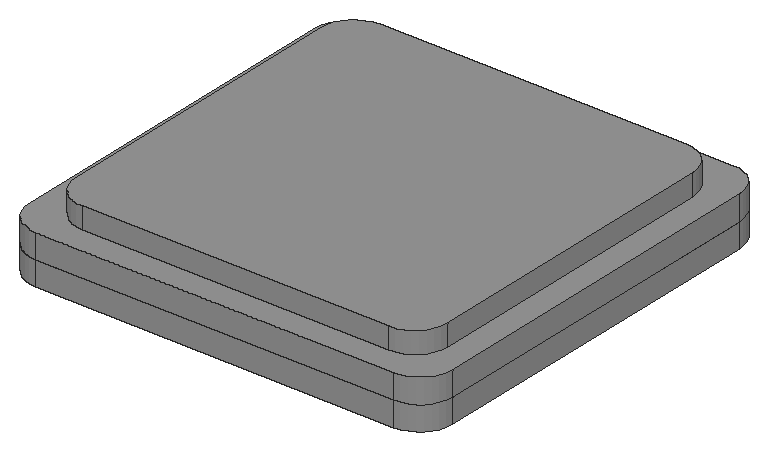
Revit family "FMS2_63_UN_Surface-mounted_ETK", category Lighting Fixtures, Revit 2019 (continued)
Definition of nested family "FMS.2 - Lightsource"
  Types (14, lengths in mm): name | Wattage Comments | Wattage | built-in parameter 1150134 | Photometric Web File | built-in parameter 1150142 | built-in parameter 1150105 | Lumens | built-in parameter 1150107 | built-in parameter 1150106 | Apparent Load
      \t501.1649\t500.1982\t499.3696\t498.4029\t497.5743\t496.6076\t495.779\t494.9504\r\n493.9837\t493.1551\t492.3265\t491.4979\t490.6693\t489.7026\t488.874\t488.0454\t487.2168\t486.3882\r\n485.5596\t484.731\t483.9024\t483.0738\t482.2452\t481.4166\t480.4499\t479.6213\t478.7927\t477.826\r\n476.9974\t475.3402\t473.1306\t470.7829\t468.5733\t466.3637\t464.016\t461.8064\t459.5968\t457.3872\r\n455.0395\t452.8299\t450.6203\t448.2726\t446.063\t443.8534\t441.6438\t439.2961\t437.0865\t434.7388\r\n432.3911\t430.1815\t427.8338\t425.6242\t423.2765\t421.0669\t418.7192\t416.3715\t414.1619\t411.8142\r\n409.6046\t407.1188\t403.8044\t400.6281\t397.3137\t394.1374\t390.9611\t387.6467\t384.4704\t381.2941\r\n377.9797\t374.8034\t371.489\t368.3127\t365.1364\t361.822\t358.6457\t355.3313\t352.155\t348.8406\r\n345.6643\t342.488\t339.1736\t335.9973\t332.6829\t329.5066\t326.1922\t323.0159\t319.7015\t316.5252\r\n313.3489\t310.0345\t306.3058\t302.439\t298.7103\t294.9816\t291.2529\t287.5242\t283.7955\t280.0668\r\n276.3381\t272.6094\t268.7426\t265.0139\t261.2852\t257.5565\t253.8278\t250.0991\t246.3704\t242.5036\r\n238.7749\t235.0462\t231.3175\t227.5888\t223.722\t219.9933\t216.2646\t212.5359\t208.8072\t205.0785\r\n201.2117\t197.483\t193.7543\t189.8875\t186.1588\t182.4301\t178.5633\t174.8346\t171.1059\t167.2391\r\n163.5104\t159.7817\t155.9149\t152.1862\t148.4575\t144.5907\t140.862\t137.0781\t133.3079\t129.524\r\n125.7539\t121.9699\t118.1998\t114.4158\t110.6457\t106.8618\t103.0917\t99.3077\t95.5376\t91.7675\r\n87.9835\t81.3961\t72.6406\t63.8851\t55.1433\t46.3878\t37.6322\t28.8767\t20.1212\t11.3629\r\n2.6073\t0\t0\t0\t0\t0\t0\t0\t0\t0\r\n0\t0\t0\t0\t0\t0\t0\t0\t0\t0\r\n0\r\n502.9602\t502.1316\t501.1649\t500.3363\t499.3696\t498.541\t497.5743\t496.7457\t495.9171\t495.0885\r\n494.2599\t493.4313\t492.6027\t491.9122\t491.0836\t490.255\t489.4264\t488.5978\t487.7692\t486.9406\r\n485.9739\t485.1453\t484.3167\t483.4881\t482.6595\t481.8309\t481.0023\t480.1737\t479.207\t478.3784\r\n477.5498\t476.7212\t474.5116\t472.1639\t469.9543\t467.6066\t465.397\t463.0493\t460.8397\t458.492\r\n456.2824\t454.0728\t451.7251\t449.5155\t447.1678\t444.9582\t442.6105\t440.4009\t438.0532\t435.8436\r\n433.4959\t431.2863\t428.9386\t426.5909\t424.3813\t422.0336\t419.6859\t417.4763\t415.1286\t412.7809\r\n410.4332\t408.2236\t405.5997\t402.4234\t399.109\t395.9327\t392.7564\t389.442\t386.1276\t382.9513\r\n379.6369\t376.4606\t373.1462\t369.9699\t366.6555\t363.4792\t360.1648\t356.8504\t353.6741\t350.3597\r\n347.1834\t343.869\t340.6927\t337.3783\t334.202\t330.8876\t327.7113\t324.3969\t321.0825\t317.9062\r\n314.5918\t311.4155\t308.1011\t304.3724\t300.6437\t296.7769\t293.0482\t289.3195\t285.4527\t281.724\r\n277.9953\t274.1285\t270.3998\t266.6711\t262.9424\t259.0756\t255.3469\t251.6182\t247.8895\t244.0227\r\n240.294\t236.4272\t232.6985\t228.9698\t225.103\t221.3743\t217.5075\t213.7788\t209.912\t206.1833\r\n202.4546\t198.5878\t194.8591\t190.9923\t187.2636\t183.5349\t179.6681\t175.9394\t172.0726\t168.3439\r\n164.4771\t160.7484\t157.0197\t153.1529\t149.4242\t145.5574\t141.8287\t138.0448\t134.2608\t130.4769\r\n126.6929\t122.909\t119.1251\t115.3411\t111.5572\t107.7732\t103.9893\t100.2192\t96.4352\t92.6513\r\n88.8673\t84.9867\t76.2036\t67.4066\t58.6235\t49.8265\t41.0433\t32.2463\t23.4632\t14.6662\r\n5.8762\t0\t0\t0\t0\t0\t0\t0\t0\t0\r\n0\t0\t0\t0\t0\t0\t0\t0\t0\t0\r\n0\r\n502.9602\t502.1316\t501.1649\t500.3363\t499.5077\t498.541\t497.7124\t497.0219\t496.1933\t495.3647\r\n494.6742\t493.8456\t493.1551\t492.3265\t491.4979\t490.6693\t489.8407\t489.0121\t488.1835\t487.3549\r\n486.5263\t485.6977\t484.8691\t484.0405\t483.2119\t482.3833\t481.4166\t480.4499\t479.6213\t478.6546\r\n477.6879\t476.8593\t475.7545\t473.5449\t471.3353\t468.9876\t466.778\t464.5684\t462.2207\t460.0111\r\n457.8015\t455.4538\t453.2442\t450.8965\t448.5488\t446.3392\t443.9915\t441.7819\t439.4342\t437.0865\r\n434.7388\t432.5292\t430.1815\t427.8338\t425.4861\t423.1384\t420.7907\t418.443\t416.0953\t413.6095\r\n411.2618\t408.9141\t406.5664\t404.2187\t401.0424\t397.8661\t394.5517\t391.3754\t388.061\t384.8847\r\n381.5703\t378.2559\t374.9415\t371.7652\t368.4508\t365.1364\t361.822\t358.5076\t355.3313\t352.0169\r\n348.7025\t345.3881\t342.2118\t338.8974\t335.583\t332.2686\t329.0923\t325.7779\t322.4635\t319.2872\r\n315.9728\t312.6584\t309.344\t306.0296\t302.5771\t298.7103\t294.8435\t291.1148\t287.248\t283.5193\r\n279.6525\t275.9238\t272.057\t268.3283\t264.4615\t260.7328\t256.866\t252.9992\t249.2705\t245.4037\r\n241.675\t237.8082\t234.0795\t230.2127\t226.484\t222.6172\t218.8885\t215.0217\t211.293\t207.4262\r\n203.6975\t199.8307\t196.102\t192.2352\t188.5065\t184.6397\t180.7729\t177.0442\t173.1774\t169.4487\r\n165.5819\t161.8532\t158.1245\t154.2577\t150.529\t146.6622\t142.9335\t139.0667\t135.338\t131.5541\r\n127.7701\t123.9862\t120.2022\t116.4183\t112.6344\t108.8504\t105.0665\t101.2825\t97.4986\t93.7147\r\n89.9307\t86.1606\t81.0371\t72.2125\t63.3879\t54.5633\t45.7525\t36.9279\t28.1034\t19.2788\r\n10.4486\t1.6227\t0\t0\t0\t0\t0\t0\t0\t0\r\n0\t0\t0\t0\t0\t0\t0\t0\t0\t0\r\n0\r\n502.9602\t502.1316\t501.303\t500.3363\t499.5077\t498.8172\t497.9886\t497.2981\t496.4695\t495.779\r\n495.0885\t494.2599\t493.4313\t492.7408\t491.9122\t491.0836\t490.3931\t489.5645\t488.7359\t487.9073\r\n487.0787\t486.112\t485.2834\t484.3167\t483.4881\t482.5214\t481.6928\t480.8642\t479.8975\t479.0689\r\n478.1022\t477.1355\t476.1688\t475.2021\t472.9925\t470.7829\t468.4352\t466.2256\t463.8779\t461.6683\r\n459.3206\t457.111\t454.7633\t452.5537\t450.206\t447.8583\t445.5106\t443.0248\t440.6771\t438.3294\r\n435.9817\t433.634\t431.4244\t429.0767\t426.5909\t424.2432\t421.8955\t419.4097\t417.062\t414.5762\r\n412.2285\t409.7427\t407.395\t404.9092\t402.5615\t400.0757\t396.7613\t393.4469\t390.2706\t386.9562\r\n383.6418\t380.3274\t377.013\t373.6986\t370.3842\t367.0698\t363.7554\t360.441\t357.1266\t353.8122\r\n350.4978\t347.1834\t343.869\t340.5546\t337.2402\t333.9258\t330.6114\t327.297\t323.9826\t320.6682\r\n317.2157\t313.9013\t310.5869\t307.2725\t303.9581\t300.6437\t297.1912\t293.3244\t289.4576\t285.5908\r\n281.8621\t277.9953\t274.1285\t270.2617\t266.3949\t262.5281\t258.6613\t254.7945\t251.0658\t247.199\r\n243.3322\t239.4654\t235.7367\t231.8699\t228.0031\t224.2744\t220.4076\t216.5408\t212.8121\t208.9453\r\n205.0785\t201.3498\t197.483\t193.6162\t189.8875\t186.0207\t182.1539\t178.4252\t174.5584\t170.6916\r\n166.9629\t163.0961\t159.2293\t155.5006\t151.6338\t147.9051\t144.0383\t140.3096\t136.4842\t132.7003\r\n128.9163\t125.1324\t121.3485\t117.5645\t113.7806\t109.9967\t106.2265\t102.4426\t98.6724\t94.8885\r\n91.1184\t87.3483\t83.5781\t78.2889\t69.4367\t60.5707\t51.7185\t42.8662\t34.014\t25.1618\r\n16.3096\t7.4491\t0\t0\t0\t0\t0\t0\t0\t0\r\n0\t0\t0\t0\t0\t0\t0\t0\t0\t0\r\n0\r\n502.9602\t502.1316\t501.303\t500.4744\t499.6458\t498.9553\t498.2648\t497.5743\t496.8838\t496.1933\r\n495.5028\t494.6742\t493.9837\t493.1551\t492.4646\t491.636\t490.9455\t489.9788\t489.1502\t488.3216\r\n487.493\t486.5263\t485.6977\t484.8691\t483.9024\t483.0738\t482.1071\t481.1404\t480.3118\t479.3451\r\n478.3784\t477.4117\t476.445\t475.3402\t474.3735\t472.5782\t470.3686\t468.0209\t465.8113\t463.4636\r\n461.1159\t458.7682\t456.5586\t454.2109\t451.8632\t449.5155\t447.1678\t444.8201\t442.3343\t439.9866\r\n437.6389\t435.1531\t432.8054\t430.3196\t427.8338\t425.4861\t423.0003\t420.5145\t418.1668\t415.681\r\n413.1952\t410.7094\t408.2236\t405.7378\t403.252\t400.7662\t398.2804\t395.7946\t392.7564\t389.442\r\n386.1276\t382.8132\t379.3607\t376.0463\t372.5938\t369.2794\t365.8269\t362.5125\t359.1981\t355.7456\r\n352.4312\t349.1168\t345.6643\t342.3499\t338.8974\t335.583\t332.1305\t328.8161\t325.5017\t322.0492\r\n318.7348\t315.4204\t311.9679\t308.6535\t305.201\t301.8866\t298.4341\t295.1197\t291.6672\t287.9385\r\n284.0717\t280.2049\t276.3381\t272.4713\t268.4664\t264.5996\t260.7328\t256.866\t252.9992\t249.1324\r\n245.2656\t241.3988\t237.532\t233.6652\t229.7984\t225.9316\t222.0648\t218.198\t214.3312\t210.4644\r\n206.5976\t202.8689\t199.0021\t195.1353\t191.2685\t187.4017\t183.5349\t179.6681\t175.8013\t172.0726\r\n168.2058\t164.339\t160.6103\t156.7435\t153.0148\t149.148\t145.2812\t141.5525\t137.7548\t133.957\r\n130.1731\t126.3891\t122.619\t118.835\t115.0649\t111.2948\t107.5247\t103.7545\t99.9982\t96.2281\r\n92.4718\t88.7154\t84.9591\t81.2028\t76.7974\t67.9038\t59.0101\t50.1165\t41.2229\t32.3292\r\n23.4356\t14.5419\t5.6538\t0\t0\t0\t0\t0\t0\t0\r\n0\t0\t0\t0\t0\t0\t0\t0\t0\t0\r\n0\r\n502.9602\t502.1316\t501.4411\t500.6125\t499.922\t499.2315\t498.541\t497.9886\t497.2981\t496.6076\r\n495.9171\t495.2266\t494.398\t493.7075\t493.017\t492.1884\t491.3598\t490.5312\t489.7026\t488.7359\r\n487.9073\t487.0787\t486.2501\t485.2834\t484.4548\t483.4881\t482.5214\t481.5547\t480.588\t479.6213\r\n478.5165\t477.5498\t476.445\t475.4783\t474.3735\t473.2687\t472.1639\t470.2305\t467.8828\t465.6732\r\n463.3255\t460.9778\t458.492\t456.1443\t453.7966\t451.4489\t448.9631\t446.6154\t444.1296\t441.6438\r\n439.2961\t436.8103\t434.3245\t431.8387\t429.3529\t426.8671\t424.3813\t421.8955\t419.2716\t416.7858\r\n414.3\t411.8142\t409.1903\t406.5664\t404.0806\t401.4567\t398.8328\t396.347\t393.7231\t391.2373\r\n388.6134\t385.4371\t381.9846\t378.6702\t375.2177\t371.7652\t368.4508\t364.9983\t361.5458\t358.0933\r\n354.6408\t351.3264\t347.8739\t344.4214\t340.9689\t337.5164\t334.0639\t330.6114\t327.297\t323.8445\r\n320.392\t316.9395\t313.487\t310.0345\t306.7201\t303.2676\t299.8151\t296.3626\t293.0482\t289.5957\r\n286.2813\t282.8288\t279.1001\t275.0952\t271.2284\t267.2235\t263.3567\t259.3518\t255.485\t251.4801\r\n247.6133\t243.6084\t239.7416\t235.7367\t231.8699\t228.0031\t223.9982\t220.1314\t216.2646\t212.3978\r\n208.3929\t204.5261\t200.6593\t196.7925\t192.9257\t189.0589\t185.1921\t181.3253\t177.4585\t173.5917\r\n169.7249\t165.8581\t161.9913\t158.1245\t154.3958\t150.529\t146.8003\t142.9335\t139.2048\t135.3518\r\n131.5541\t127.7839\t124\t120.2299\t116.4597\t112.6896\t108.9333\t105.1632\t101.4206\t97.6643\r\n93.9218\t90.1793\t86.4368\t82.7081\t78.9656\t75.2369\t67.5585\t58.6235\t49.7022\t40.7671\r\n31.8321\t22.897\t13.9619\t5.0255\t0\t0\t0\t0\t0\t0\r\n0\t0\t0\t0\t0\t0\t0\t0\t0\t0\r\n0\r\n502.9602\t502.2697\t501.4411\t500.7506\t500.0601\t499.5077\t498.9553\t498.2648\t497.7124\t497.0219\r\n496.3314\t495.6409\t494.9504\t494.2599\t493.4313\t492.6027\t491.9122\t491.0836\t490.255\t489.4264\r\n488.4597\t487.6311\t486.8025\t485.8358\t484.8691\t483.9024\t482.9357\t481.969\t480.8642\t479.7594\r\n478.7927\t477.6879\t476.5831\t475.4783\t474.3735\t473.2687\t472.0258\t470.921\t469.6781\t467.8828\r\n465.5351\t463.1874\t460.8397\t458.3539\t456.0062\t453.5204\t451.0346\t448.5488\t446.2011\t443.7153\r\n441.2295\t438.7437\t436.1198\t433.634\t431.1482\t428.5243\t425.9004\t423.2765\t420.7907\t418.1668\r\n415.5429\t412.919\t410.4332\t407.8093\t405.1854\t402.4234\t399.7995\t397.1756\t394.4136\t391.7897\r\n389.0277\t386.4038\t383.6418\t381.0179\t378.2559\t374.8034\t371.3509\t367.8984\t364.4459\t360.9934\r\n357.4028\t353.9503\t350.4978\t346.9072\t343.4547\t339.8641\t336.4116\t332.821\t329.3685\t325.916\r\n322.4635\t318.8729\t315.4204\t311.9679\t308.3773\t304.9248\t301.4723\t297.8817\t294.4292\t290.9767\r\n287.3861\t283.9336\t280.4811\t277.0286\t273.5761\t269.9855\t266.1187\t262.1138\t258.1089\t254.104\r\n250.0991\t246.0942\t242.2274\t238.2225\t234.3557\t230.3508\t226.484\t222.4791\t218.4742\t214.4693\r\n210.6025\t206.5976\t202.7308\t198.7259\t194.8591\t190.8542\t186.9874\t183.1206\t179.1157\t175.2489\r\n171.3821\t167.5153\t163.6485\t159.7817\t155.9149\t152.1862\t148.3194\t144.4526\t140.7239\t136.9123\r\n133.1008\t129.303\t125.5053\t121.7213\t117.9374\t114.1673\t110.4109\t106.6546\t102.9259\t99.1972\r\n95.4823\t91.7675\t88.0526\t84.3515\t80.6504\t76.9493\t73.2621\t68.5114\t59.5073\t50.517\r\n41.5129\t32.5226\t23.5184\t14.5281\t5.5309\t0\t0\t0\t0\t0\r\n0\t0\t0\t0\t0\t0\t0\t0\t0\t0\r\n0\r\n502.9602\t502.2697\t501.5792\t500.8887\t500.3363\t499.7839\t499.2315\t498.6791\t498.1267\t497.5743\r\n496.8838\t496.1933\t495.5028\t494.8123\t493.9837\t493.2932\t492.4646\t491.636\t490.8074\t489.9788\r\n489.1502\t488.1835\t487.3549\t486.3882\t485.4215\t484.3167\t483.35\t482.2452\t481.1404\t480.1737\r\n479.0689\t477.9641\t476.8593\t475.6164\t474.3735\t473.1306\t471.8877\t470.6448\t469.4019\t468.0209\r\n466.6399\t465.2589\t463.3255\t460.9778\t458.492\t456.0062\t453.5204\t451.0346\t448.5488\t446.063\r\n443.4391\t440.8152\t438.3294\t435.7055\t433.0816\t430.5958\t427.9719\t425.348\t422.7241\t420.1002\r\n417.3382\t414.7143\t411.9523\t409.1903\t406.4283\t403.6663\t400.9043\t398.1423\t395.5184\t392.7564\r\n389.9944\t387.2324\t384.3323\t381.5703\t378.8083\t375.9082\t373.0081\t370.2461\t367.346\t364.1697\r\n360.5791\t356.9885\t353.536\t349.9454\t346.3548\t342.7642\t339.1736\t335.583\t331.9924\t328.4018\r\n324.8112\t321.2206\t317.7681\t314.1775\t310.5869\t306.9963\t303.2676\t299.677\t296.2245\t292.6339\r\n289.1814\t285.5908\t282.0002\t278.5477\t274.9571\t271.3665\t267.914\t264.3234\t260.8709\t257.2803\r\n253.4135\t249.4086\t245.2656\t241.2607\t237.2558\t233.2509\t229.246\t225.2411\t221.2362\t217.0932\r\n213.0883\t209.0834\t205.0785\t201.2117\t197.2068\t193.2019\t189.3351\t185.3302\t181.3253\t177.3204\r\n173.3155\t169.4487\t165.4438\t161.577\t157.7102\t153.7053\t149.8385\t146.1098\t142.243\t138.5143\r\n134.6751\t130.8912\t127.121\t123.3371\t119.5532\t115.783\t112.0129\t108.2704\t104.5279\t100.7992\r\n97.0843\t93.3832\t89.696\t86.0087\t82.3352\t78.6618\t74.9883\t71.3286\t67.6828\t61.5512\r\n52.478\t43.4186\t34.3455\t25.2723\t16.2129\t7.1329\t0\t0\t0\t0\r\n0\t0\t0\t0\t0\t0\t0\t0\t0\t0\r\n0\r\n502.9602\t502.2697\t501.7173\t501.0268\t500.6125\t500.1982\t499.6458\t499.0934\t498.6791\t497.9886\r\n497.4362\t496.7457\t496.0552\t495.3647\t494.6742\t493.8456\t493.1551\t492.3265\t491.4979\t490.6693\r\n489.8407\t488.874\t487.9073\t486.9406\t485.9739\t484.8691\t483.7643\t482.7976\t481.6928\t480.7261\r\n479.4832\t478.2403\t476.9974\t475.7545\t474.5116\t473.1306\t471.8877\t470.5067\t469.1257\t467.6066\r\n466.2256\t464.8446\t463.3255\t461.8064\t460.2873\t458.7682\t456.4205\t453.9347\t451.3108\t448.825\r\n446.2011\t443.7153\t441.0914\t438.6056\t435.8436\t433.2197\t430.4577\t427.6957\t424.9337\t422.3098\r\n419.4097\t416.6477\t413.8857\t411.1237\t408.3617\t405.5997\t402.6996\t399.7995\t396.8994\t393.9993\r\n391.2373\t388.1991\t385.4371\t382.537\t379.4988\t376.5987\t373.6986\t370.7985\t367.8984\t364.9983\r\n361.9601\t358.9219\t356.0218\t353.1217\t350.0835\t346.4929\t342.6261\t338.8974\t335.3068\t331.5781\r\n327.9875\t324.3969\t320.6682\t317.0776\t313.3489\t309.7583\t306.0296\t302.439\t298.7103\t294.9816\r\n291.2529\t287.6623\t284.0717\t280.4811\t276.7524\t273.1618\t269.4331\t265.8425\t262.2519\t258.6613\r\n255.0707\t251.4801\t247.8895\t244.1608\t240.5702\t236.7034\t232.6985\t228.5555\t224.4125\t220.4076\r\n216.2646\t212.2597\t208.1167\t203.9737\t199.9688\t195.8258\t191.8209\t187.816\t183.8111\t179.8062\r\n175.8013\t171.7964\t167.7915\t163.7866\t159.9198\t155.9149\t151.91\t148.0432\t144.0383\t140.1715\r\n136.3047\t132.4793\t128.6678\t124.87\t121.0861\t117.316\t113.5734\t109.8447\t106.1298\t102.4288\r\n98.7415\t95.068\t91.3946\t87.7349\t84.0753\t80.4433\t76.8112\t73.1792\t69.5748\t65.9704\r\n62.366\t55.7372\t46.5535\t37.3699\t28.1862\t19.0026\t9.8106\t0.6187\t0\t0\r\n0\t0\t0\t0\t0\t0\t0\t0\t0\t0\r\n0\r\n502.9602\t502.4078\t501.7173\t501.303\t500.8887\t500.4744\t500.0601\t499.6458\t499.0934\t498.541\r\n497.9886\t497.2981\t496.7457\t496.0552\t495.3647\t494.6742\t493.8456\t493.1551\t492.3265\t491.4979\r\n490.5312\t489.5645\t488.5978\t487.6311\t486.5263\t485.5596\t484.5929\t483.6262\t482.3833\t481.1404\r\n479.8975\t478.6546\t477.4117\t476.0307\t474.7878\t473.4068\t471.8877\t470.5067\t468.9876\t467.6066\r\n466.0875\t464.5684\t462.9112\t461.3921\t459.7349\t458.0777\t456.4205\t454.7633\t453.1061\t451.4489\r\n449.6536\t447.0297\t444.4058\t441.6438\t438.8818\t436.2579\t433.3578\t430.5958\t427.8338\t425.0718\r\n422.3098\t419.4097\t416.5096\t413.6095\t410.8475\t407.9474\t404.9092\t402.0091\t398.9709\t396.0708\r\n393.0326\t390.1325\t387.2324\t384.1942\t381.156\t378.1178\t375.0796\t372.0414\t369.0032\t365.8269\r\n362.7887\t359.6124\t356.5742\t353.536\t350.4978\t347.4596\t344.2833\t341.2451\t338.2069\t335.0306\r\n331.8543\t328.2637\t324.3969\t320.8063\t317.0776\t313.3489\t309.4821\t305.6153\t301.8866\t298.1579\r\n294.4292\t290.5624\t286.8337\t283.105\t279.2382\t275.5095\t271.7808\t268.0521\t264.3234\t260.5947\r\n256.866\t253.1373\t249.4086\t245.6799\t241.9512\t238.3606\t234.6319\t231.0413\t227.3126\t223.722\r\n219.9933\t215.9884\t211.8454\t207.7024\t203.5594\t199.2783\t195.1353\t190.9923\t186.9874\t182.8444\r\n178.7014\t174.6965\t170.5535\t166.5486\t162.5437\t158.4007\t154.3958\t150.3909\t146.386\t142.3811\r\n138.3762\t134.4818\t130.5321\t126.6101\t122.7709\t119.0146\t115.2583\t111.5296\t107.8147\t104.1136\r\n100.4125\t96.739\t93.0794\t89.4474\t85.8153\t82.1971\t78.6065\t75.0159\t71.4391\t67.89\r\n64.3408\t60.7916\t57.2701\t50.9865\t41.651\t32.3016\t22.9384\t13.5821\t4.2162\t0\r\n0\t0\t0\t0\t0\t0\t0\t0\t0\t0\r\n0\r\n502.9602\t502.4078\t501.8554\t501.4411\t501.1649\t500.8887\t500.4744\t500.0601\t499.6458\t499.0934\r\n498.541\t497.9886\t497.4362\t496.7457\t496.0552\t495.3647\t494.6742\t493.8456\t493.1551\t492.1884\r\n491.3598\t490.3931\t489.4264\t488.4597\t487.493\t486.5263\t485.4215\t484.3167\t483.0738\t481.8309\r\n480.588\t479.3451\t477.9641\t476.5831\t475.2021\t473.683\t472.302\t470.7829\t469.2638\t467.7447\r\n466.0875\t464.4303\t462.9112\t461.1159\t459.4587\t457.8015\t456.1443\t454.349\t452.5537\t450.6203\r\n448.6869\t446.7535\t444.8201\t442.8867\t440.9533\t438.8818\t436.9484\t434.3245\t431.4244\t428.6624\r\n425.7623\t422.8622\t419.9621\t416.9239\t414.0238\t410.9856\t408.0855\t405.0473\t402.1472\t399.109\r\n395.9327\t392.8945\t389.7182\t386.68\t383.5037\t380.3274\t377.1511\t374.1129\t370.9366\t367.7603\r\n364.584\t361.4077\t358.2314\t355.0551\t351.7407\t348.5644\t345.25\t342.0737\t338.8974\t335.583\r\n332.2686\t328.9542\t325.7779\t322.4635\t319.1491\t315.9728\t312.6584\t309.344\t306.0296\t302.1628\r\n298.4341\t294.5673\t290.7005\t286.8337\t282.9669\t279.1001\t275.2333\t271.3665\t267.4997\t263.6329\r\n259.7661\t255.8993\t252.1706\t248.3038\t244.437\t240.5
